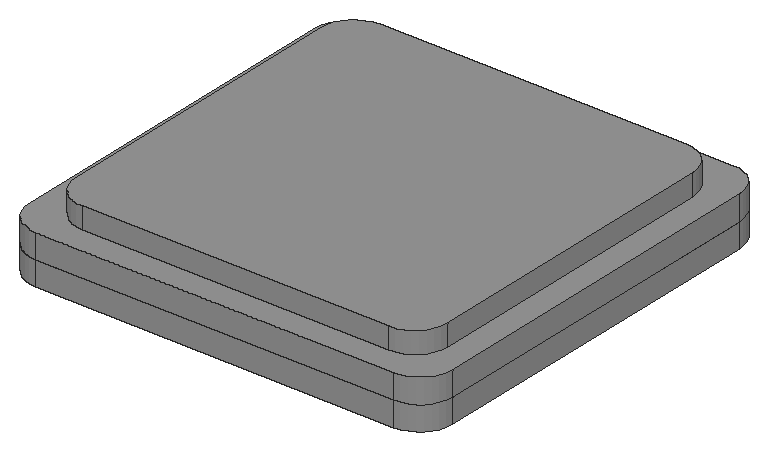
Revit family "FMS2_63_UN_Surface-mounted_ETK", category Lighting Fixtures, Revit 2019 (continued)
Definition of nested family "FMS.2 - Lightsource"
  Types (14, lengths in mm): name | Wattage Comments | Wattage | built-in parameter 1150134 | Photometric Web File | built-in parameter 1150142 | built-in parameter 1150105 | Lumens | built-in parameter 1150107 | built-in parameter 1150106 | Apparent Load
      9741\t456.6909\t455.4077\t453.9962\t452.713\t451.3014\r\n449.8899\t448.3501\t446.9386\t445.2704\t443.7306\t442.0624\t440.3942\t438.7261\t436.9296\t435.1331\r\n433.2083\t431.4118\t429.487\t427.4339\t425.3808\t423.3277\t421.4029\t419.3498\t417.1683\t415.1152\r\n412.8054\t410.624\t408.4426\t406.0045\t403.6947\t401.385\t398.6902\t395.9955\t393.1725\t390.4778\r\n387.783\t384.8317\t382.0086\t379.1856\t376.4909\t373.5395\t370.7165\t367.7651\t364.9421\t361.9907\r\n359.0394\t356.088\t353.1366\t350.1853\t347.1056\t344.0259\t341.0746\t338.1232\t335.1718\t332.0922\r\n329.0125\t326.0611\t322.9814\t319.9018\t316.8221\t313.7424\t310.6627\t307.583\t304.5034\t301.4237\r\n298.344\t295.2643\t292.1846\t289.105\t285.7686\t282.304\t278.8394\t275.3747\t271.9101\t268.4454\r\n264.8525\t261.3878\t257.9232\t254.4586\t250.9939\t247.5293\t244.0646\t240.6\t237.1354\t233.6707\r\n230.2061\t226.7414\t223.2768\t219.8122\t216.4758\t213.1395\t209.6749\t206.3386\t203.0022\t199.6659\r\n196.073\t192.48\t189.0154\t185.4224\t181.9578\t178.3648\t174.7718\t171.3072\t167.9709\t164.5062\r\n161.0416\t157.7053\t154.369\t151.0326\t147.6963\t144.36\t141.0237\t137.4307\t133.8378\t130.2448\r\n126.793\t123.277\t119.7996\t116.3606\t112.9601\t109.5853\t106.249\t102.9383\t99.6533\t96.317\r\n93.0448\t89.8368\t86.6545\t83.485\t80.3668\t77.3\t74.2844\t71.3203\t68.3689\t65.4175\r\n62.5047\t59.6046\t56.7431\t53.8944\t51.0842\t48.2996\t45.5921\t43.1155\t40.7031\t38.3035\r\n35.9296\t33.5685\t31.2203\t28.8848\t21.237\t12.986\t4.7312\t0\t0\t0\r\n0\r\n473.6291\t473.5008\t473.2442\t473.1158\t472.8592\t472.4742\t471.961\t471.4477\t471.0627\t470.5494\r\n470.0362\t469.5229\t468.8813\t468.2397\t467.4698\t466.5715\t465.8016\t465.16\t464.2618\t463.3635\r\n462.337\t461.3104\t460.2838\t459.2573\t458.2307\t456.9475\t455.6643\t454.3811\t452.9696\t451.6864\r\n450.2749\t448.9917\t447.4518\t446.0403\t444.5005\t442.9606\t441.2925\t439.6243\t437.9562\t436.288\r\n434.6198\t432.695\t430.8986\t428.9738\t427.1773\t425.1242\t422.8144\t420.3763\t418.0666\t415.6285\r\n413.1904\t410.7523\t408.1859\t405.7478\t403.0531\t400.4867\t397.9203\t395.3539\t392.7875\t390.0928\r\n387.3981\t384.7034\t382.0086\t379.3139\t376.4909\t373.7962\t370.9731\t368.2784\t365.4554\t362.6323\r\n359.8093\t356.9862\t354.1632\t351.3402\t348.3888\t345.5658\t342.7427\t339.7914\t336.9683\t334.017\r\n331.1939\t328.2426\t325.1629\t321.8266\t318.4902\t315.1539\t311.6893\t308.353\t305.0166\t301.552\r\n298.2157\t294.8794\t291.543\t288.2067\t284.8704\t281.5341\t278.1978\t274.7331\t271.3968\t268.0605\r\n264.7242\t261.3878\t258.1798\t254.9718\t251.5072\t248.2992\t244.9629\t241.6266\t238.2902\t234.6973\r\n231.2326\t227.6397\t224.175\t220.5821\t217.1174\t213.6528\t210.1882\t206.7235\t203.2589\t199.7942\r\n196.5862\t193.2499\t189.7853\t186.449\t183.1126\t179.7763\t176.44\t172.9754\t169.2541\t165.6611\r\n162.0682\t158.4752\t155.0106\t151.4176\t147.8246\t144.36\t140.767\t137.3024\t133.9661\t130.5014\r\n127.1395\t123.7646\t120.3128\t116.8995\t113.499\t110.1371\t106.8007\t103.4901\t100.2051\t96.9329\r\n93.6864\t90.4913\t87.3346\t84.2036\t81.0726\t77.9801\t74.926\t71.8977\t68.895\t65.9308\r\n62.9923\t60.0794\t57.2051\t54.4462\t51.8413\t49.2364\t46.6572\t44.0908\t41.55\t39.0221\r\n36.507\t34.0048\t28.8207\t21.1728\t13.5249\t5.8617\t0\t0\t0\t0\r\n0\r\n473.6291\t473.5008\t473.2442\t472.9875\t472.7309\t472.3459\t471.8326\t471.3194\t470.9344\t470.4211\r\n469.9078\t469.3946\t468.753\t468.1114\t467.4698\t466.5715\t465.8016\t465.0317\t464.2618\t463.3635\r\n462.4653\t461.4387\t460.5405\t459.5139\t458.4874\t457.3325\t456.1776\t454.8944\t453.6112\t452.328\r\n451.0448\t449.6333\t448.3501\t446.9386\t445.527\t443.9872\t442.5757\t441.0358\t439.496\t437.8278\r\n435.6464\t433.465\t431.2835\t429.1021\t426.7923\t424.4826\t422.1728\t419.863\t417.5533\t415.1152\r\n412.6771\t410.3674\t407.9293\t405.6195\t403.1814\t400.615\t398.0486\t395.6106\t393.0442\t390.4778\r\n388.0397\t385.4733\t382.9069\t380.2122\t377.6458\t374.951\t372.3846\t369.6899\t367.1235\t364.4288\r\n361.8624\t359.1677\t356.3446\t353.1366\t349.9286\t346.7206\t343.5126\t340.3046\t337.0966\t333.8886\r\n330.6806\t327.3443\t324.1363\t320.8\t317.7203\t314.5123\t311.3043\t308.0963\t304.8883\t301.6803\r\n298.344\t295.136\t291.928\t288.72\t285.512\t282.304\t279.096\t275.888\t272.68\t269.2154\r\n265.7507\t262.2861\t258.8214\t255.3568\t251.8922\t248.4275\t244.9629\t241.6266\t238.2902\t234.9539\r\n231.4893\t228.153\t224.8166\t221.4803\t218.144\t214.8077\t211.4714\t208.2634\t205.0554\t201.5907\r\n197.8694\t194.2765\t190.6835\t186.9622\t183.3693\t179.7763\t176.1834\t172.5904\t169.1258\t165.6611\r\n162.1965\t158.7318\t155.2672\t151.8026\t148.3379\t144.8733\t141.4086\t137.944\t134.4794\t131.0147\r\n127.6527\t124.2779\t120.9159\t117.5924\t114.2818\t110.9968\t107.7375\t104.5038\t101.2701\t97.9852\r\n94.713\t91.4665\t88.2457\t85.0377\t81.8682\t78.7115\t75.5805\t72.4623\t69.3698\t66.2773\r\n63.4029\t60.6569\t57.9365\t55.2289\t52.5342\t49.8652\t47.2089\t44.5655\t41.935\t39.3301\r\n36.3659\t29.0773\t21.8016\t14.513\t7.2244\t0\t0\t0\t0\t0\r\n0\r\n473.6291\t473.3725\t473.2442\t472.8592\t472.6026\t472.3459\t471.8326\t471.3194\t470.8061\t470.2928\r\n469.7795\t469.2662\t468.753\t468.1114\t467.3414\t466.6998\t465.9299\t465.0317\t464.2618\t463.4918\r\n462.7219\t461.6954\t460.7971\t459.7706\t458.8723\t457.8458\t456.8192\t455.7926\t454.5094\t453.2262\r\n451.943\t450.6598\t449.3766\t448.0934\t446.9386\t445.0138\t443.089\t441.0358\t438.9827\t437.0579\r\n435.0048\t432.8234\t430.7702\t428.5888\t426.5357\t424.3542\t422.0445\t419.7347\t417.5533\t415.3718\r\n413.0621\t410.624\t408.3142\t406.0045\t403.5664\t401.2566\t398.9469\t396.6371\t394.199\t391.6326\r\n389.1946\t386.7565\t384.4467\t382.0086\t379.5706\t377.0042\t373.9245\t370.8448\t367.7651\t364.6854\r\n361.6058\t358.5261\t355.4464\t352.3667\t349.287\t346.2074\t343.1277\t339.9197\t336.7117\t333.632\r\n330.5523\t327.4726\t324.393\t321.3133\t318.2336\t315.0256\t311.9459\t308.8662\t305.6582\t302.5786\r\n299.4989\t296.2909\t292.9546\t289.6182\t286.1536\t282.8173\t279.3526\t276.0163\t272.68\t269.3437\r\n265.879\t262.5427\t259.2064\t255.8701\t252.6621\t249.3258\t245.9894\t242.7814\t239.4451\t236.2371\r\n233.0291\t229.8211\t226.2282\t222.6352\t219.0422\t215.4493\t211.8563\t208.2634\t204.6704\t201.0774\r\n197.6128\t194.0198\t190.5552\t187.0906\t183.6259\t180.1613\t176.6966\t173.232\t169.8957\t166.431\r\n162.8381\t159.3734\t155.9088\t152.3158\t148.8512\t145.3866\t141.9219\t138.5856\t135.121\t131.7846\r\n128.32\t125.0093\t121.673\t118.3367\t115.0004\t111.6384\t108.3021\t104.9786\t101.6679\t98.3701\r\n95.0851\t91.8258\t88.5793\t85.3585\t82.1505\t78.9681\t75.7986\t72.8216\t69.9729\t67.137\r\n64.314\t61.5038\t58.7064\t55.909\t53.1373\t50.3656\t47.6067\t44.8607\t42.1275\t37.0332\r\n29.9884\t22.9436\t15.8988\t8.8464\t1.7952\t0\t0\t0\t0\t0\r\n0\r\n473.6291\t473.3725\t473.1158\t472.8592\t472.4742\t472.2176\t471.7043\t471.191\t470.6778\t470.2928\r\n469.7795\t469.2662\t468.6246\t468.1114\t467.4698\t466.6998\t466.0582\t465.2883\t464.5184\t463.7485\r\n462.9786\t462.2086\t461.1821\t460.2838\t459.3856\t458.359\t457.4608\t456.4342\t455.4077\t454.3811\r\n453.2262\t451.8147\t450.0182\t448.0934\t446.1686\t444.3722\t442.4474\t440.6509\t438.5978\t436.673\r\n434.6198\t432.5667\t430.6419\t428.5888\t426.5357\t424.3542\t422.3011\t420.248\t418.1949\t415.8851\r\n413.7037\t411.5222\t409.3408\t407.1594\t404.8496\t402.5398\t400.3584\t398.0486\t395.7389\t393.4291\r\n390.7344\t387.9114\t384.96\t381.8803\t378.929\t375.9776\t373.0262\t370.2032\t367.2518\t364.3005\r\n361.3491\t358.2694\t355.3181\t352.3667\t349.287\t346.3357\t343.3843\t340.433\t337.4816\t334.5302\r\n331.4506\t328.4992\t325.5478\t322.4682\t319.3885\t316.0522\t312.7158\t309.3795\t306.0432\t302.7069\r\n299.4989\t296.1626\t292.8262\t289.4899\t286.2819\t282.9456\t279.6093\t276.4013\t273.1933\t269.9853\r\n266.7773\t263.5693\t260.3613\t257.1533\t253.9453\t250.7373\t247.2726\t243.808\t240.0867\t236.4938\r\n232.9008\t229.4362\t225.8432\t222.3786\t218.9139\t215.4493\t211.8563\t208.52\t205.0554\t201.5907\r\n197.9978\t194.5331\t191.0685\t187.7322\t184.2675\t180.8029\t177.2099\t173.7453\t170.1523\t166.6877\r\n163.223\t159.7584\t156.2938\t152.8291\t149.4928\t146.0282\t142.5635\t139.2272\t135.8909\t132.4262\r\n129.0899\t125.6124\t122.1991\t118.8115\t115.4238\t112.0619\t108.6999\t105.3636\t102.0272\t98.7166\r\n95.4188\t92.1338\t88.8616\t85.6023\t82.4584\t79.5071\t76.5814\t73.6557\t70.7556\t67.8556\r\n64.9684\t62.0812\t59.2197\t56.3453\t53.4966\t50.6607\t47.8249\t44.989\t38.3677\t31.4769\r\n24.5733\t17.6825\t10.7814\t3.8817\t0\t0\t0\t0\t0\t0\r\n0\r\n473.6291\t473.3725\t473.1158\t472.7309\t472.4742\t472.0893\t471.7043\t471.191\t470.6778\t470.1645\r\n469.6512\t469.1379\t468.6246\t468.1114\t467.5981\t466.8282\t466.1866\t465.545\t464.775\t464.0051\r\n463.2352\t462.4653\t461.6954\t460.9254\t460.0272\t459.129\t458.2307\t457.3325\t456.4342\t454.7661\r\n453.0979\t451.3014\t449.505\t447.7085\t445.912\t443.9872\t442.1907\t440.2659\t438.4694\t436.5446\r\n434.7482\t432.8234\t430.8986\t428.8454\t426.9206\t424.8675\t422.8144\t420.7613\t418.8365\t416.7834\r\n414.7302\t412.8054\t410.7523\t408.5709\t406.3894\t403.9514\t401.1283\t398.4336\t395.6106\t392.7875\r\n389.9645\t387.1414\t384.3184\t381.4954\t378.6723\t375.8493\t373.1546\t370.3315\t367.3802\t364.4288\r\n361.4774\t358.6544\t355.9597\t353.1366\t350.1853\t347.3622\t344.4109\t341.4595\t338.6365\t335.5568\r\n332.3488\t329.0125\t325.6762\t322.4682\t319.1318\t315.9238\t312.7158\t309.5078\t306.2998\t302.9635\r\n299.7555\t296.5475\t293.3395\t290.1315\t286.9235\t283.7155\t280.6358\t277.4278\t274.3482\t271.2685\r\n267.9322\t264.4675\t260.8746\t257.4099\t253.817\t250.3523\t246.8877\t243.423\t239.9584\t236.4938\r\n233.0291\t229.5645\t226.2282\t222.7635\t219.2989\t215.8342\t212.3696\t209.0333\t205.697\t202.2323\r\n198.6394\t195.1747\t191.5818\t188.1171\t184.5242\t181.0595\t177.5949\t174.0019\t170.5373\t167.0726\r\n163.7363\t160.2717\t156.807\t153.4707\t150.0061\t146.6698\t143.2051\t139.7405\t136.2758\t132.8112\r\n129.4749\t125.9974\t122.5841\t119.1708\t115.7703\t112.3827\t109.0207\t105.6587\t102.3095\t98.9732\r\n95.6369\t92.3134\t89.2466\t86.231\t83.2284\t80.2385\t77.2486\t74.2716\t71.3074\t68.3561\r\n65.4047\t62.4533\t59.5276\t56.5891\t53.6634\t50.7506\t47.0036\t40.2027\t33.4145\t26.6264\r\n19.8383\t13.0373\t6.2492\t0\t0\t0\t0\t0\t0\t0\r\n0\r\n473.6291\t473.3725\t473.1158\t472.7309\t472.3459\t472.0893\t471.7043\t471.191\t470.6778\t470.1645\r\n469.6512\t469.1379\t468.6246\t468.1114\t467.5981\t467.0848\t466.4432\t465.8016\t465.16\t464.3901\r\n463.6202\t462.9786\t462.2086\t461.4387\t460.7971\t460.0272\t459.0006\t457.3325\t455.7926\t454.1245\r\n452.4563\t450.9165\t449.12\t447.4518\t445.7837\t443.9872\t442.1907\t440.3942\t438.5978\t436.8013\r\n434.8765\t433.08\t431.2835\t429.487\t427.5622\t425.7658\t423.841\t421.9162\t419.863\t417.9382\r\n415.8851\t413.832\t411.1373\t408.5709\t405.8762\t403.3098\t400.7434\t398.0486\t395.3539\t392.5309\r\n389.8362\t387.0131\t384.3184\t381.6237\t378.8006\t376.1059\t373.4112\t370.7165\t367.8934\t365.1987\r\n362.3757\t359.681\t356.9862\t354.2915\t351.5968\t348.5171\t345.1808\t341.8445\t338.5082\t335.3002\r\n332.2205\t329.0125\t325.9328\t322.7248\t319.5168\t316.3088\t313.1008\t309.8928\t306.8131\t303.7334\r\n300.5254\t297.4458\t294.2378\t291.1581\t288.0784\t284.8704\t281.5341\t277.9411\t274.4765\t271.0118\r\n267.6755\t264.2109\t260.7462\t257.2816\t253.817\t250.3523\t247.016\t243.5514\t240.215\t236.7504\r\n233.4141\t230.0778\t226.6131\t223.2768\t219.9405\t216.4758\t212.8829\t209.4182\t205.8253\t202.3606\r\n198.896\t195.4314\t191.8384\t188.3738\t184.9091\t181.4445\t177.9798\t174.6435\t171.1789\t167.7142\r\n164.3779\t160.9133\t157.577\t153.984\t150.5194\t147.0547\t143.4618\t139.9971\t136.5325\t133.0678\r\n129.6032\t126.2284\t122.8151\t119.4146\t116.0141\t112.6265\t109.2388\t105.864\t102.4892\t99.1657\r\n96.086\t93.0192\t89.9523\t86.8983\t83.8443\t80.8031\t77.7748\t74.7464\t71.718\t68.7025\r\n65.687\t62.6843\t59.6816\t56.6789\t53.6891\t49.262\t42.5509\t35.8269\t29.103\t22.3918\r\n15.6679\t8.9478\t2.2276\t0\t0\t0\t0\t0\t0\t0\r\n0\r\n473.6291\t473.3725\t472.9875\t472.7309\t472.3459\t471.961\t471.576\t471.191\t470.6778\t470.1645\r\n469.6512\t469.1379\t468.753\t468.2397\t467.7264\t467.2131\t466.5715\t466.0582\t465.4166\t464.775\r\n464.1334\t463.4918\t462.8502\t462.0803\t461.4387\t460.1555\t458.6157\t457.0758\t455.536\t453.8678\r\n452.1997\t450.5315\t448.8634\t447.1952\t445.6554\t443.9872\t442.319\t440.6509\t438.8544\t437.1862\r\n435.3898\t433.5933\t431.9251\t430.1286\t428.3322\t426.5357\t424.6109\t422.9427\t421.0179\t418.5798\r\n416.0134\t413.447\t410.8806\t408.1859\t405.6195\t402.9248\t400.3584\t397.792\t395.0973\t392.5309\r\n389.9645\t387.2698\t384.7034\t382.137\t379.4422\t376.8758\t374.1811\t371.4864\t368.7917\t366.097\r\n363.5306\t360.4509\t357.3712\t354.1632\t351.0835\t348.0038\t344.9242\t341.8445\t338.6365\t335.5568\r\n332.3488\t329.2691\t326.0611\t322.9814\t319.9018\t316.8221\t313.7424\t310.6627\t307.583\t304.5034\r\n301.4237\t298.344\t295.0077\t291.6714\t288.2067\t284.7421\t281.4058\t277.9411\t274.4765\t271.1402\r\n267.6755\t264.3392\t260.8746\t257.5382\t254.0736\t250.7373\t247.2726\t243.9363\t240.6\t237.2637\r\n233.9274\t230.591\t227.1264\t223.5334\t220.0688\t216.6042\t213.1395\t209.6749\t206.2102\t202.7456\r\n199.1526\t195.8163\t192.3517\t188.887\t185.4224\t181.9578\t178.4931\t175.1568\t171.6922\t168.2275\r\n164.7629\t161.2982\t157.7053\t154.2406\t150.776\t147.3114\t143.8467\t140.3821\t136.9174\t133.4528\r\n129.9882\t126.5235\t123.0845\t119.6584\t116.2194\t112.7933\t109.38\t106.018\t102.8998\t99.7816\r\n96.6635\t93.5581\t90.4528\t87.3474\t84.2549\t81.1752\t78.0956\t75.0159\t71.9362\t68.8693\r\n65.8153\t62.7485\t59.6945\t56.6404\t52.0081\t45.3483\t38.6756\t32.0158\t25.3432\t18.6834\r\n12.0133\t5.3458\t0\t0\t0\t0\t0\t0\t0\t0\r\n0\r\n473.6291\t473.3725\t472.9875\t472.6026\t472.2176\t471.961\t471.576\t471.191\t470.8061\t470.2928\r\n469.7795\t469.2662\t468.753\t468.2397\t467.8547\t467.3414\t466.8282\t466.3149\t465.8016\t465.16\r\n464.6467\t464.0051\t463.3635\t462.7219\t461.3104\t459.7706\t458.2307\t456.6909\t455.151\t453.6112\r\n452.0714\t450.5315\t448.9917\t447.3235\t445.6554\t443.9872\t442.4474\t440.7792\t439.111\t437.5712\r\n435.903\t434.2349\t432.5667\t430.8986\t429.2304\t427.4339\t425.5091\t422.9427\t420.5046\t418.0666\r\n415.5002\t413.0621\t410.4957\t407.9293\t405.4912\t402.9248\t400.4867\t397.9203\t395.3539\t392.7875\r\n390.2211\t387.783\t385.2166\t382.6502\t380.0838\t377.5174\t374.951\t372.513\t369.5616\t366.6102\r\n363.5306\t360.4509\t357.3712\t354.2915\t351.2118\t348.1322\t345.0525\t341.9728\t338.8931\t335.8134\r\n332.7338\t329.7824\t326.7027\t323.623\t320.5434\t317.4637\t314.5123\t311.4326\t308.4813\t305.145\r\n301.6803\t298.344\t294.8794\t291.543\t288.0784\t284.7421\t281.2774\t277.9411\t274.6048\t271.1402\r\n267.8038\t264.4675\t261.1312\t257.7949\t254.4586\t251.1222\t247.7859\t244.4496\t241.1133\t237.6486\r\n234.0557\t230.591\t227.1264\t223.6618\t220.1971\t216.7325\t213.2678\t209.8032\t206.3386\t202.8739\r\n199.4093\t196.073\t192.6083\t189.1437\t185.679\t182.3427\t178.8781\t175.4134\t171.9488\t168.4842\r\n165.0195\t161.4266\t157.9619\t154.4973\t151.0326\t147.568\t143.975\t140.5104\t137.0458\t133.5811\r\n130.1165\t126.716\t123.2642\t119.8124\t116.3734\t112.9216\t109.7649\t106.5954\t103.4516\t100.2949\r\n97.1511\t94.0072\t90.8634\t87.7324\t84.5885\t81.4704\t78.3394\t75.2212\t72.0902\t68.972\r\n65.8667\t62.7485\t59.6431\t55.2546\t48.6204\t41.9863\t35.365\t28.7308\t22.0967\t15.4754\r\n8.8451\t2.2161\t0\t0\t0\t0\t0\t0\t0\t0\r\n0\r\n473.6291\t473.3725\t472.9875\t472.6026\t472.2176\t471.8326\t471.4477\t471.0627\t470.6778\t470.2928\r\n469.9078\t469.3946\t468.8813\t468.368\t467.983\t467.4698\t466.9565\t466.4432\t466.0582\t465.545\r\n465.0317\t464.5184\t463.8768\t462.4653\t461.0538\t459.5139\t457.9741\t456.5626\t455.0227\t453.4829\r\n451.943\t450.4032\t448.8634\t447.3235\t445.912\t444.2438\t442.704\t441.1642\t439.6243\t438.0845\r\n436.4163\t434.8765\t433.2083\t431.5402\t429.7437\t427.4339\t424.9958\t422.5578\t420.248\t417.8099\r\n415.3718\t412.9338\t410.4957\t408.0576\t405.6195\t403.1814\t400.615\t398.177\t395.7389\t393.3008\r\n390.8627\t388.2963\t385.8582\t383.4202\t380.9821\t378.4157\t375.336\t372.3846\t369.305\t366.3536\r\n363.2739\t360.3226\t357.2429\t354.1632\t351.2118\t348.2605\t345.1808\t342.2294\t339.1498\t336.1984\r\n333.247\t330.2957\t327.3443\t324.2646\t321.3133\t318.3619\t315.1539\t311.8176\t308.4813\t305.0166\r\n301.6803\t298.344\t295.0077\t291.6714\t288.335\t284.9987\t281.5341\t278.1978\t274.8614\t271.5251\r\n268.1888\t264.8525\t261.5162\t258.3082\t254.9718\t251.6355\t248.2992\t244.8346\t241.2416\t237.777\r\n234.3123\t230.8477\t227.383\t223.9184\t220.4538\t216.9891\t213.5245\t210.0598\t206.5952\t203.1306\r\n199.6659\t196.2013\t192.865\t189.4003\t185.9357\t182.471\t179.0064\t175.5418\t172.0771\t168.4842\r\n165.0195\t161.5549\t158.0902\t154.6256\t151.161\t147.6963\t144.1034\t140.6387\t137.1741\t133.7094\r\n130.2448\t126.8315\t123.3797\t119.9279\t116.6172\t113.422\t110.2397\t107.0574\t103.8879\t100.7055\r\n97.536\t94.3537\t91.1842\t88.0147\t84.8452\t81.6757\t78.519\t75.3623\t72.1928\t69.0362\r\n65.8795\t62.7356\t59.0272\t52.4187\t45.8102\t39.2018\t32.5933\t25.9848\t19.3763\t12.7704\r\n6.1632\t0\t0\t0\t0\t0\t0\t0\t0\t0\r\n0\r\n473.6291\t473.3725\t472.9875\t472.6026\t472.2176\t471.8326\t471.4477\t471.0627\t470.6778\t470.2928\r\n469.9078\t469.5229\t469.1379\t468.6246\t468.1114\t467.7264\t467.2131\t466.6998\t466.1866\t465.8016\r\n465.2883\t464.9034\t463.7485\t462.337\t460.7971\t459.3856\t457.8458\t456.4342\t454.8944\t453.4829\r\n451.943\t450.5315\t448.9917\t447.4518\t446.0403\t444.5005\t442.9606\t441.4208\t440.0093\t438.4694\r\n436.9296\t435.5181\t433.9782\t431.9251\t429.487\t427.1773\t424.8675\t422.4294\t420.1197\t417.6816\r\n415.2435\t412.9338\t410.4957\t408.0576\t405.7478\t403.3098\t400.8717\t398.5619\t396.2522\t393.8141\r\n391.5043\t389.0662\t386.7565\t384.3184\t381.367\t378.4157\t375.336\t372.3846\t369.4333\t366.3536\r\n363.4022\t360.4509\t357.4995\t354.5482\t351.4685\t348.5171\t345.5658\t342.6144\t339.663\t336.7117\r\n3
